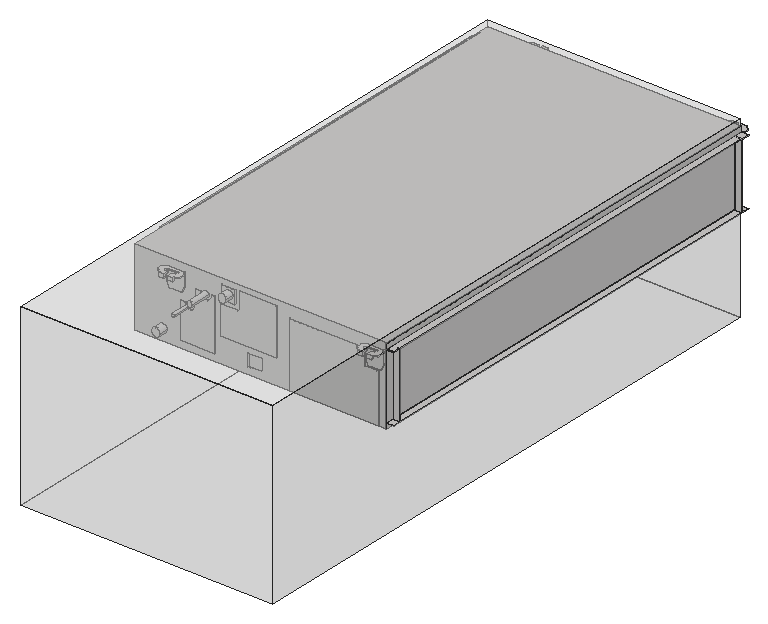
Revit family "outputfile", category 機械設備, Revit 2024
Family settings
  丸型コネクタ寸法 = 半径を使用
  パーツ タイプ = 標準
  OmniClass 番号 = 23.75.10.24.21.27.27
  OmniClass タイトル = Split System Air Conditioning Units
  作業面ベース = いいえ
  常に垂直 = はい
  ロード時にボイドで切り取り = いいえ
  注釈の向きを維持 = いいえ
  共有 = いいえ
  部屋計算ポイント = はい
Parameters (values of type "FBA100BVMA9")
  製造元 = "Daikin"
  書き出し IFC クラス(タイプ) = "IfcUnitaryEquipmentType"
  定義済み IFC タイプ(タイプ) = "AIRCONDITIONINGUNIT"
  モデル = "FBA100BVMA9"
  switch_frequency = yes
  r_Liquid Pipe Size = Liquid Pipe Size / 2  # 4.75 mm
  r_Gas Pipe Size = Gas Pipe Size / 2  # 7.95 mm
  r_Drain Pipe Size = Drain Pipe Size / 2  # 12.5 mm
  lw_power = 770.0 mm  # constant formula
  lh_SA = 138.0 mm  # constant formula
  lw_SA = if(Width = 550.0 mm, 225.0 mm, if(Width = 700.0 mm, 300.0 mm, if(Width = 1000.0 mm, 450.0 mm, if(Width = 1400.0 mm, 650.0 mm, 725.0 mm))))  # 650.0 mm
  lw_RA = if(Width = 550.0 mm, 275.0 mm, if(Width = 700.0 mm, 349.0 mm, if(Width = 1000.0 mm, 499.0 mm, if(Width = 1400.0 mm, 699.0 mm, 775.0 mm))))  # 699.0 mm
  lh_power = 60.0 mm + [h***]  # 60.0 mm
  lh_mountinghole1 = lh_mountinghole + [h***]  # 222.0 mm
  lh_RA = 123.0 mm  # constant formula
  ld_power = Width / 2  # 700.0 mm
  connector_voltage = Voltage_50Hz  # 230 V
  connector_powerinput = [Power Input (Cooling)]  # 3.170 kW
  connector_phase = Phase_50Hz  # 1
  Voltage_comment_60Hz = "220-230"
  Voltage_comment_50Hz = "220-240"
  Voltage_60Hz = 220 V
  Voltage_50Hz = 230 V
  Total Heating Capacity [instance] = 0.000 kW
  Supply Air Direction [instance] = yes
  Power Input (Heating) = 2.900 kW
  Phase_60Hz = 1
  Phase_50Hz = 1
  Nominal Heating Capacity = 11.200 kW
  Minimum External Static Pressure = 50.00 Pa
  Maximum External Static Pressure = 150.00 Pa
  Material_Casing = DAIKIN_GalvanizedSteel_Casing_indoorunit
  lw_mountinghole = 630.0 mm  # constant formula
  lh_gaspipe = 183.0 mm + [h***]  # 183.0 mm
  lh_mountinghole = 222.0 mm  # constant formula
  lh_liquidpipe = 136.0 mm + [h***]  # 136.0 mm
  lh_drainpipe = 207.0 mm + [h***]  # 207.0 mm
  lh_antena = Height - lh_mountinghole + 1.0 mm  # 24.0 mm
  ld_drainpipe = Width / 2 + 26.0 mm  # 726.0 mm
  ld_liquidpipe = Width / 2 + 69.0 mm  # 769.0 mm
  ld_gaspipe = Width / 2 + 65.0 mm  # 765.0 mm
  ld_mountinghole = Width + 38.0 mm  # 1438.0 mm
  h*** = 0.0 mm  # constant formula
  lw_liquidpipe = 179.0 mm  # constant formula
  lw_gaspipe = 229.0 mm  # constant formula
  lw_drainpipe = 300.0 mm  # constant formula
  Width = 1400.0 mm
  Version = "ver.1.0"
  Unit Type = "Duct"
  Unit Mass Weight = 47.00 kg
  Unit Designation [instance] = ""
  Uniclass2015Version = "Products v1.30"
  Uniclass2015Title = "Split coil room air conditioning units"
  Uniclass2015Code = "Pr_70_65_03_86"
  Total Cooling Capacity [instance] = 0.000 kW
  Sound Pressure Level_M speed (dBA) = 35.5
  Sound Pressure Level_L speed (dBA) = 33
  Sound Pressure Level_H speed (dBA) = 38
  Series = "SkyAir_Fan Coil Unit"
  Sensible Cooling Capacity [instance] = 0.000 kW
  SA Duct Size Width = 1192.0 mm
  SA Duct Size Height = 176.0 mm
  Refrigerant Type = "R32"
  RA Duct Size Width = 1352.0 mm
  RA Duct Size Height = 208.0 mm
  Power Input (Cooling) = 3.170 kW
  Option Accessory 3 [instance] = ""
  Option Accessory 2 [instance] = ""
  Option Accessory 1 [instance] = ""
  Nominal Cooling Capacity = 10.000 kW
  Minimum Airflow = 1350.00 m³/h
  Median Airflow = 1620.00 m³/h
  Maximum Airflow = 1920.00 m³/h
  Load Classification = HVAC
  Liquid Pipe Size = 9.5 mm
  Link_Nested Family [instance] = ""
  IfcVersion = ""
  IfcExportType = "AIRCONDITIONINGUNIT"
  IfcExportAs = "IfcUnitaryEquipmentType"
  Height = 245.0 mm
  Heating Entering Wet Bulb Temperature [instance] = -273.15 °C
  Heating Entering Dry Bulb Temperature [instance] = -273.15 °C
  Heating Ambient Wet Bulb Temperature [instance] = -273.15 °C
  Heating Ambient Dry Bulb Temperature [instance] = -273.15 °C
  Heat Exchanger Type = "Cross Fin Coil"
  Gas Pipe Size = 15.9 mm
  Frequency_60Hz = 60 Hz
  Frequency_50Hz = 50 Hz
  Fan Type = "Sirocco Fan"
  Fan Drive = "Direct Drive"
  FCU Tag No. [instance] = ""
  Drain Pipe Size = 25.0 mm
  Design Supply Airflow [instance] = 0.00 m³/h
  Design Return Airflow [instance] = 0.00 m³/h
  Design External Static Pressure [instance] = 0.00 Pa
  Depth = 800.0 mm
  既定の高さ = 0.0 mm
  Cooling Entering Wet Bulb Temperature [instance] = 0.00 °C
  Cooling Entering Dry Bulb Temperature [instance] = 0.00 °C
  Cooling Ambient Wet Bulb Temperature [instance] = 0.00 °C
  Cooling Ambient Dry Bulb Temperature [instance] = 0.00 °C
  Clearance visibility [instance] = yes
  Clearance Top = 20.0 mm
  Clearance Right = 0.0 mm
  Clearance Rear = 0.0 mm
  Clearance Left = 0.0 mm
  Clearance Front = 450.0 mm
  Clearance Bottom = 300.0 mm
Reference planes
  plane 1 "Center (Front/Back)": y = 0
  plane 2 "h": z = 0
  plane 3 "Center (Left/Right)": x = 0
  plane 4 "Back": y = 700
  plane 5 "Front": y = -700
  plane 6 "Left": x = -400
  plane 7 "Right": x = 400
  plane 8 "Top": z = 0
  plane 9 "Bottom": z = -245
  plane 10: y = -215
  plane 11: y = 700
  plane 12: y = -1150
  plane 13: x = -400
  plane 14: x = 400
  plane 15: z = 20
  plane 16: z = -545
  plane 17: x = -400
  plane 18: x = -399
  plane 19: x = 399
  plane 20: y = 50
  plane 21: y = -1
  plane 22: z = -122
  plane 23: y = -701
  plane 24: z = -109
  plane 25: x = -221
  plane 26: y = -765
  plane 27: z = -62
  plane 28: x = -171
  plane 29: y = -726
  plane 30: z = -38
  plane 31: x = -100
  plane 32: x = -100
  plane 33: x = -221
  plane 34: x = -171
  plane 35: x = 370
  plane 36: x = -266
  plane 37: x = 364
  plane 38: y = -719
  plane 39: y = 719
  plane 40: z = -23
  plane 41: z = -107
  plane 42: y = -769
  plane 43: z = -207
  plane 44: x = -309
  plane 45: y = -376
  plane 46: x = -251
  plane 47: x = -203
  plane 48: x = -144
  plane 49: z = -59
  plane 50: z = -106
  plane 51: z = -221
  plane 52: z = -109
  plane 53: x = -221
  plane 54: z = -62
  plane 55: x = -171
  plane 56: z = -17
  plane 57: z = -59
  plane 58: x = -121
  plane 59: x = -79
  plane 60: x = -125
  plane 61: x = -64
  plane 62: x = 53
  plane 63: z = -164
  plane 64: z = -73
  plane 65: z = -16
  plane 66: x = 93.5
  plane 67: x = 374.5
  plane 68: x = 330
  plane 69: z = -88.5
  plane 70: z = -38
  plane 71: z = -242.5
  plane 72: x = -38.5
  plane 73: x = 6.5
  plane 74: z = -181
  plane 75: z = -221
  plane 76: y = -699
  plane 77: x = -424
  plane 78: x = 424
Forms (mm)
  Extrusion 1, solid, material "DAIKIN_GalvanizedSteel_Casing_indoorunit" <- "Material_Casing"
    sketch origin (0, 0, 0) x (1, 0, 0) y (0, 1, 0)
      loop
        line (-399, 700) -> (-399, -700) -> (399, -700) -> (399, 700) -> (-399, 700)
    from -245 to 0
  Extrusion 2, solid, material "DAIKIN_GalvanizedSteel_Casing_indoorunit" <- "Material_Casing"
    sketch origin (0, 0, 0) x (1, 0, 0) y (0, 0, 1)
      loop
        line (-251, -221) -> (-144, -221) -> (-144, -59) -> (-154.47, -59)
        arc (-154.47, -59) -> (-171, -78.8) -> (-187.53, -59) r 16.8
        line (-187.53, -59) -> (-203, -59) -> (-203, -106) -> (-206.916, -106)
        arc (-206.916, -106) -> (-221, -123.4) -> (-235.084, -106) r 14.4
        line (-235.084, -106) -> (-251, -106) -> (-251, -221)
    from 700 to 701
  Extrusion 3, solid, material "DAIKIN_GalvanizedSteel_Casing_indoorunit" <- "Material_Casing"
    sketch origin (0, 0, 0) x (1, 0, 0) y (0, 0, 1)
      loop
        line (-121, -17) -> (-121, -59) -> (-79, -59) -> (-79, -17) -> (-121, -17)
      loop
        line (-125, -73) -> (-125, -164) -> (53, -164) -> (53, -16) -> (-64, -16) -> (-64, -73) -> (-125, -73)
    from 700 to 701
  Extrusion 4, solid, material "DAIKIN_GalvanizedSteel_Casing_indoorunit" <- "Material_Casing"
    sketch origin (0, 0, 0) x (1, 0, 0) y (0, 0, 1)
      loop
        line (93.5, -38) -> (93.5, -242.5) -> (374.5, -242.5) -> (374.5, -88.5) -> (330, -88.5) -> (330, -38) -> (93.5, -38)
    from 700 to 701
  Extrusion 5, solid, material "DAIKIN_GalvanizedSteel_Casing_indoorunit" <- "Material_Casing"
    sketch origin (0, 0, 0) x (1, 0, 0) y (0, 0, 1)
      loop
        circle (-221, -109) r 4.75
    from 700 to 769
  Extrusion 6, solid, material "DAIKIN_GalvanizedSteel_Casing_indoorunit" <- "Material_Casing"
    sketch origin (0, 0, 0) x (1, 0, 0) y (0, 0, 1)
      loop
        circle (-171, -62) r 7.95
    from 700 to 765
  Extrusion 7, solid, material "DAIKIN_GalvanizedSteel_Casing_indoorunit" <- "Material_Casing"
    sketch origin (0, 0, 0) x (1, 0, 0) y (0, 0, 1)
      loop
        circle (-100, -38) r 12.5
    from 701 to 726
  Extrusion 8, solid, material "DAIKIN_GalvanizedSteel_Casing_indoorunit" <- "Material_Casing"
    sketch origin (0, 0, 0) x (1, 0, 0) y (0, 0, 1)
      loop
        circle (-309, -207) r 13
    from 700 to 726
  Extrusion 9, void
    sketch origin (0, 0, 0) x (1, 0, 0) y (0, 0, 1)
      loop
        line (-38.5, -181) -> (-38.5, -221) -> (6.5, -221) -> (6.5, -181) -> (-38.5, -181)
    from 699 to 700
Cuts and joins
  Extrusion 9 cuts Extrusion 1
Dimensions and locks
  "Height": plane 8 "Top" to plane 9 "Bottom"
  equal spacing: plane 4 "Back", plane 1 "Center (Front/Back)", plane 5 "Front"
  "Width": plane 4 "Back" to plane 5 "Front"
  equal spacing: plane 6 "Left", plane 3 "Center (Left/Right)", plane 7 "Right"
  "Depth": plane 6 "Left" to plane 7 "Right"
  "Clearance Left": plane 13 to plane 6 "Left"
  "Clearance Right": plane 7 "Right" to plane 14
  "Clearance Rear": plane 11 to plane 4 "Back"
  "Clearance Front": plane 5 "Front" to plane 12
  "Clearance Top": plane 15 to plane 8 "Top"
  "Clearance Bottom": plane 9 "Bottom" to plane 16
  locked: plane 17 to plane 18 at 1
  locked: plane 19 to plane 14 at 1
  "lw_SA": plane 11 to plane 20
  "lw_RA": plane 21 to plane 5 "Front"
  "lh_RA": plane 22 to plane 9 "Bottom"
  locked: plane 5 "Front" to plane 23 at 1
  "lw_liquidpipe": plane 25 to plane 6 "Left"
  "lh_liquidpipe": plane 24 to plane 9 "Bottom"
  "lh_gaspipe": plane 27 to plane 9 "Bottom"
  "lw_gaspipe": plane 28 to plane 6 "Left"
  "ld_gaspipe": plane 26 to plane 1 "Center (Front/Back)"
  "ld_drainpipe": plane 29 to plane 1 "Center (Front/Back)"
  "lh_drainpipe": plane 30 to plane 9 "Bottom"
  "lw_drainpipe": plane 31 to plane 6 "Left"
  "lw_drainpipe": plane 6 "Left" to plane 32
  "lw_liquidpipe": plane 6 "Left" to plane 33
  "lw_gaspipe": plane 6 "Left" to plane 34
  "lw_power": plane 6 "Left" to plane 35
  locked: plane 17 to plane 36 at 134
  "lw_mountinghole": plane 36 to plane 37
  equal spacing: plane 38, plane 1 "Center (Front/Back)", plane 39
  "ld_mountinghole": plane 39 to plane 38
  "lh_mountinghole": plane 40 to plane 9 "Bottom"
  "lh_SA": plane 41 to plane 9 "Bottom"
  locked: plane 44 to plane 6 "Left" at 91
  locked: plane 43 to plane 9 "Bottom" at 38
  plane 48 to plane 47 to plane 46 to plane 6 "Left" = 59.0 mm, 48.0 mm, 149.0 mm
  plane 8 "Top" to plane 49 to plane 50 to plane 51 = 59.0 mm locked, 47.0 mm locked, 115.0 mm locked
  plane 55 to plane 53 to plane 6 "Left" = 50.0 mm locked, 179.0 mm locked
  plane 54 to plane 52 to plane 9 "Bottom" = 47.0 mm locked, 136.0 mm locked
  plane 59 to plane 58 to plane 6 "Left" = 42.0 mm locked, 279.0 mm locked
  plane 8 "Top" to plane 56 to plane 57 = 17.0 mm locked, 42.0 mm locked
  plane 62 to plane 61 to plane 60 to plane 6 "Left" = 117.0 mm, 61.0 mm, 275.0 mm
  plane 8 "Top" to plane 65 to plane 64 = 16.0 mm locked, 57.0 mm locked
  locked: plane 65 to plane 63 at 148
  plane 8 "Top" to plane 70 to plane 69 to plane 71 = 38.0 mm locked, 50.5 mm locked, 154.0 mm locked
  plane 67 to plane 68 to plane 66 to plane 6 "Left" = 44.5 mm locked, 236.5 mm locked, 493.5 mm locked
  plane 8 "Top" to plane 74 to plane 75 = 181.0 mm locked, 40.0 mm locked
  plane 73 to plane 72 to plane 6 "Left" = 45.0 mm, 361.5 mm
  locked: plane 76 to plane 5 "Front" at 1
  locked: plane 77 to plane 17 at 24
  locked: plane 14 to plane 78 at 24
  "ld_liquidpipe": plane 42 to plane 1 "Center (Front/Back)"
  "r_Liquid Pipe Size": radius of Extrusion 5 sketch curve
  "r_Gas Pipe Size": radius of Extrusion 6 sketch curve
  "r_Drain Pipe Size": radius of Extrusion 7 sketch curve
  aligned and locked: level to plane 2 "h"
  aligned and locked: plane 8 "Top" to Extrusion 1
  aligned and locked: Extrusion 1 to plane 9 "Bottom"
  aligned and locked: nested 5 to plane 12
  aligned and locked: plane 13 to nested 5
  aligned and locked: plane 14 to nested 5
  aligned and locked: nested 5 to plane 13
  aligned and locked: plane 11 to nested 5
  aligned and locked: plane 15 to nested 5
  aligned and locked: plane 16 to nested 5
  aligned and locked: plane 5 "Front" to Extrusion 1 sketch curve
  aligned and locked: Extrusion 1 to plane 18
  aligned and locked: plane 19 to Extrusion 1
  aligned and locked: nested 7 to plane 18
  aligned and locked: nested 7 to plane 20
  aligned and locked: plane 19 to nested 8
  aligned and locked: plane 21 to nested 8
  aligned and locked: plane 22 to nested 8
  aligned and locked: Extrusion 2 to plane 23
  aligned and locked: plane 5 "Front" to Extrusion 2
  aligned and locked: Extrusion 3 to plane 23
  aligned and locked: plane 5 "Front" to Extrusion 3
  aligned and locked: plane 5 "Front" to Extrusion 4
  aligned and locked: Extrusion 5 sketch curve to plane 25
  aligned and locked: plane 24 to Extrusion 5 sketch curve
  aligned and locked: plane 5 "Front" to Extrusion 5
  aligned and locked: Extrusion 6 sketch curve to plane 28
  aligned and locked: plane 27 to Extrusion 6 sketch curve
  aligned and locked: plane 5 "Front" to Extrusion 6
  aligned and locked: Extrusion 7 sketch curve to plane 31
  aligned and locked: Extrusion 7 sketch curve to plane 30
  aligned and locked: Extrusion 7 to plane 29
  aligned and locked: plane 23 to Extrusion 7
  aligned and locked: nested 3 to plane 29
  aligned and locked: nested 3 to plane 32
  aligned and locked: nested 2 to plane 33
  aligned and locked: nested 1 to plane 34
  aligned and locked: Extrusion 6 to plane 26
  aligned and locked: nested 1 to plane 26
  aligned and locked: nested 6 to plane 5 "Front"
  aligned and locked: nested 6 to plane 35
  aligned and locked: plane 36 to nested 10
  aligned and locked: nested 10 to plane 5 "Front"
  aligned and locked: plane 37 to nested 9
  aligned and locked: nested 9 to plane 5 "Front"
  aligned and locked: nested 11 to plane 36
  aligned and locked: plane 4 "Back" to nested 11
  aligned and locked: nested 12 to plane 37
  aligned and locked: plane 4 "Back" to nested 12
  aligned and locked: plane 40 to nested 10
  aligned and locked: plane 40 to nested 11
  aligned and locked: plane 40 to nested 9
  aligned and locked: plane 40 to nested 12
  aligned and locked: plane 36 to nested 14
  aligned and locked: nested 14 to plane 39
  aligned and locked: plane 37 to nested 13
  aligned and locked: nested 13 to plane 39
  aligned and locked: plane 37 to nested 16
  aligned and locked: plane 38 to nested 16
  aligned and locked: plane 38 to nested 15
  aligned and locked: plane 36 to nested 15
  aligned and locked: plane 17 to plane 6 "Left"
  aligned and locked: plane 41 to nested 7
  aligned and locked: Extrusion 5 to plane 42
  aligned and locked: nested 2 to plane 42
  aligned and locked: Extrusion 8 sketch curve to plane 44
  aligned and locked: plane 43 to Extrusion 8 sketch curve
  aligned and locked: plane 5 "Front" to Extrusion 8
  aligned and locked: Extrusion 3 sketch curve to plane 56
  aligned and locked: Extrusion 3 sketch curve to plane 58
  aligned and locked: plane 57 to Extrusion 3 sketch curve
  aligned and locked: plane 59 to Extrusion 3 sketch curve
  aligned and locked: Extrusion 4 to plane 23
  aligned and locked: Extrusion 9 sketch curve to plane 74
  aligned and locked: plane 75 to Extrusion 9 sketch curve
  aligned and locked: plane 73 to Extrusion 9 sketch curve
  aligned and locked: plane 5 "Front" to Extrusion 9
  aligned and locked: plane 76 to Extrusion 9
  aligned and locked: nested 17 to plane 20
  aligned and locked: nested 17 to plane 77
  aligned and locked: plane 21 to nested 18
  aligned and locked: plane 78 to nested 18
  aligned and locked: plane 41 to nested 17
  aligned and locked: nested 18 to plane 22
  aligned and locked: nested 4 to plane 3 "Center (Left/Right)"
  aligned and locked: plane 1 "Center (Front/Back)" to nested 4
  aligned and locked: level to plane 8 "Top"
  aligned and locked: Extrusion 8 to plane 29
Automatic sketch dimensions
  plane 6 "Left" to Extrusion 1 sketch curve = 1.0 mm
  Extrusion 1 sketch curve to plane 7 "Right" = 1.0 mm
  Extrusion 1 sketch curve to plane 4 "Back" = 0.0 mm
  Extrusion 2 sketch curve to plane 46 = 0.0 mm
  Extrusion 2 sketch curve to plane 33 = 0.0 mm
  Extrusion 2 sketch curve to plane 47 = 0.0 mm
  Extrusion 2 sketch curve to plane 34 = 0.0 mm
  Extrusion 2 sketch curve to plane 48 = 0.0 mm
  Extrusion 2 sketch curve to plane 51 = 0.0 mm
  Extrusion 2 sketch curve to plane 52 = 0.0 mm
  Extrusion 2 sketch curve to plane 50 = 0.0 mm  (x3)
  Extrusion 2 sketch curve to plane 54 = 0.0 mm
  Extrusion 2 sketch curve to plane 49 = 0.0 mm  (x3)
  plane 33 to Extrusion 2 sketch curve = 14.084 mm
  plane 34 to Extrusion 2 sketch curve = 16.53 mm
  Extrusion 3 sketch curve to plane 60 = 0.0 mm
  Extrusion 3 sketch curve to plane 61 = 0.0 mm
  Extrusion 3 sketch curve to plane 62 = 0.0 mm
  Extrusion 3 sketch curve to plane 63 = 0.0 mm
  Extrusion 3 sketch curve to plane 64 = 0.0 mm
  Extrusion 3 sketch curve to plane 65 = 0.0 mm
  Extrusion 4 sketch curve to plane 66 = 0.0 mm
  Extrusion 4 sketch curve to plane 68 = 0.0 mm
  Extrusion 4 sketch curve to plane 67 = 0.0 mm
  Extrusion 4 sketch curve to plane 71 = 0.0 mm
  Extrusion 4 sketch curve to plane 69 = 0.0 mm
  Extrusion 4 sketch curve to plane 70 = 0.0 mm
  Extrusion 9 sketch curve to plane 72 = 0.0 mm
  radius of Extrusion 8 sketch curve = 13.0 mm
Nested families
  nested 1: "daikin_connector_rotate2" at (-171, 0, -62), length <- "ld_gaspipe", built-in parameter 1001364 <- "lh_gaspipe", radius <- "r_Gas Pipe Size", type "daikin_connector_rotate2"
    with radius 7.95 mm, length 765.0 mm, angle_vertical 90.00°
  nested 2: "daikin_connector_rotate2" at (-221, 0, -109), length <- "ld_liquidpipe", built-in parameter 1001364 <- "lh_liquidpipe", radius <- "r_Liquid Pipe Size", type "daikin_connector_rotate2"
    with radius 4.75 mm, length 769.0 mm, angle_vertical 90.00°
  nested 3: "daikin_connector_rotate2" at (-100, 0, -38), length <- "ld_drainpipe", built-in parameter 1001364 <- "lh_drainpipe", radius <- "r_Drain Pipe Size", type "daikin_connector_rotate2"
    with radius 12.5 mm, length 726.0 mm, angle_vertical 90.00°
  nested 4: "daikin_△_symbolicline" at (0, 0, 245) x (0, -1, 0) z (0, 0, 1), built-in parameter 1001364 <- "Height", visible <- "Supply Air Direction", type "daikin_△_symbolicline"
    with length 200.0 mm
  nested 5: "daikin_clearancespace" at (0, -225, -262.381), visible <- "Clearance visibility", show <- "Clearance visibility", Link_Nested Family <- "Link_Nested Family", type "daikin_clearancespace"
    with width 800.0 mm, show yes, height 565.0 mm, depth 1850.0 mm, Link_Nested Family ""
  nested 6: "daikin_connector_rotate2" at (370, 0, -185), built-in parameter 1001364 <- "lh_power", length <- "ld_power", type "daikin_connector_rotate2"
    with radius 10.0 mm, length 700.0 mm, angle_vertical 90.00°
  nested 7: "daikin_ductflange_FBA-BVMA9_2" at (-399, 50, -107) x (0, -1, 0) z (0, 0, 1), type "daikin_ductflange_FBA-BVMA9_2"
  nested 8: "daikin_ductflange_FBA-BVMA9" at (399, -1, -122) x (0, 1, 0) z (0, 0, 1), type "daikin_ductflange_FBA-BVMA9"
    with width 1352.0 mm, lw 25.0 mm, w 1400.0 mm
  nested 9: "daikin_hangerfixture_FBA-BVMA9" at (364, -700, -23), type "daikin_hangerfixture_FBA-BVMA9"
  nested 10: "daikin_hangerfixture_FBA-BVMA9" at (-266, -700, -23), type "daikin_hangerfixture_FBA-BVMA9"
  nested 11: "daikin_hangerfixture_FBA-BVMA9" at (-266, 700, -23) x (-1, 0, 0) z (0, 0, 1), type "daikin_hangerfixture_FBA-BVMA9"
  nested 12: "daikin_hangerfixture_FBA-BVMA9" at (364, 700, -23) x (-1, 0, 0) z (0, 0, 1), type "daikin_hangerfixture_FBA-BVMA9"
  nested 13: "daikin_mountinghole" at (364, 719, -245), h_mountinghole <- "lh_mountinghole1", l_antenna <- "lh_antena", Link_Nested Family <- "Link_Nested Family", type "daikin_mountinghole"
    with show yes, l_antenna 24.0 mm, h_mountinghole 222.0 mm, Link_Nested Family ""
  nested 14: "daikin_mountinghole" at (-266, 719, -245), h_mountinghole <- "lh_mountinghole1", l_antenna <- "lh_antena", Link_Nested Family <- "Link_Nested Family", type "daikin_mountinghole"
    with show yes, l_antenna 24.0 mm, h_mountinghole 222.0 mm, Link_Nested Family ""
  nested 15: "daikin_mountinghole" at (-266, -719, -245), h_mountinghole <- "lh_mountinghole1", l_antenna <- "lh_antena", Link_Nested Family <- "Link_Nested Family", type "daikin_mountinghole"
    with show yes, l_antenna 24.0 mm, h_mountinghole 222.0 mm, Link_Nested Family ""
  nested 16: "daikin_mountinghole" at (364, -719, -245), h_mountinghole <- "lh_mountinghole1", l_antenna <- "lh_antena", Link_Nested Family <- "Link_Nested Family", type "daikin_mountinghole"
    with show yes, l_antenna 24.0 mm, h_mountinghole 222.0 mm, Link_Nested Family ""
  nested 17: "daikin_connector_rotate2" at (-400, 50, -107) x (0, -1, 0) z (0, 0, 1), type "daikin_connector_rotate2"
    with radius 10.0 mm, length 24.0 mm, angle_vertical 90.00°
  nested 18: "daikin_connector_rotate2" at (400, -1, -122) x (0, 1, 0) z (0, 0, 1), type "daikin_connector_rotate2"
    with radius 10.0 mm, length 24.0 mm, angle_vertical 90.00°
Connectors
  piping at (-100, -726, -38), diameter 25, driven by "r_Drain Pipe Size"
    settings: on nested 3, index 3, connector inside diameter 609.6 mm, connector length 0.0 mm, flow factor 0, pipe flow 0.00 m³/h, pressure drop 0.0 Pa, fitting loss kfactor 0, connector angle 0.00°, fixture units 0, engagement length 0.0 mm, angle of deflection 0.00°, flow configuration 1, flow direction 2, fitting loss method 4, system type 16, joint type 0, gender type 0, connector reference index -1, connector utility 0, adjustable connector no, is connector primary yes, connector description "Condensate Drain Piping"
  piping at (-171, -765, -62), diameter 15.9, driven by "r_Gas Pipe Size"
    settings: on nested 1, index 4, connector inside diameter 609.6 mm, connector length 0.0 mm, flow factor 0, pipe flow 0.00 m³/h, pressure drop 0.0 Pa, fitting loss kfactor 0, connector angle 0.00°, fixture units 0, engagement length 0.0 mm, angle of deflection 0.00°, flow configuration 1, flow direction 2, fitting loss method 0, system type 29, joint type 0, gender type 0, connector reference index -1, connector utility 0, adjustable connector no, is connector primary no, connector description "Refrigerant Gas Piping"
  piping at (-221, -769, -109), diameter 9.5, driven by "r_Liquid Pipe Size"
    settings: on nested 2, index 5, connector inside diameter 609.6 mm, connector length 0.0 mm, flow factor 0, pipe flow 0.00 m³/h, pressure drop 0.0 Pa, fitting loss kfactor 0, connector angle 0.00°, fixture units 0, engagement length 0.0 mm, angle of deflection 0.00°, flow configuration 1, flow direction 1, fitting loss method 0, system type 29, joint type 0, gender type 0, connector reference index -1, connector utility 0, adjustable connector no, is connector primary no, connector description "Refrigerant Liquid Piping"
  electrical at (370, -700, -185), driven by "Load Classification", driven by "connector_voltage", driven by "connector_phase", driven by "connector_powerinput"
    settings: on nested 6, index 6, voltage 230 V, apparent load 3170 VA, apparent load phase1 0 VA, apparent load phase2 0 VA, apparent load phase3 0 VA, power factor 1, load classification "HVAC", number of poles 1, system type 30, power factor state 1, is connector primary yes, connector utility no, sub classification motor no, connector description "Power Supply"
  hvac at (-424, 50, -107), driven by "SA Duct Size Height", driven by "SA Duct Size Width"
    settings: on nested 17, index 7, duct flow 0.00 m³/h, flow factor 0, pres drop 0.00 Pa, loss coef 0, conn angle 0.00°, conn width 1192.0 mm, conn height 176.0 mm, conn diameter 609.6 mm, duct sys type 1, conn prof type 1, flow config 0, flow direction 2, loss method 4, conn ref index -1, conn util no, is conn primary yes, conn desc "SA Duct"
  hvac at (424, -1, -122), driven by "RA Duct Size Height", driven by "RA Duct Size Width"
    settings: on nested 18, index 8, duct flow 0.00 m³/h, flow factor 0, pres drop 0.00 Pa, loss coef 0, conn angle 0.00°, conn width 1352.0 mm, conn height 208.0 mm, conn diameter 609.6 mm, duct sys type 2, conn prof type 1, flow config 0, flow direction 1, loss method 4, conn ref index -1, conn util no, is conn primary no, conn desc "RA Duct"
Definition of nested family "daikin_clearancespace"
  Parameters (values of type "daikin_clearancespace")
    Description = "daikin_clearancespace"
    width [instance] = 1823.963 mm
    show [instance] = yes
    material = none
    height [instance] = 1359.762 mm
    depth [instance] = 880.0 mm
    Default Elevation = 0.0 mm
    Link_Nested Family [instance] = ""
  Reference planes
    plane 1 "Center (Front/Back)": y = 0
    plane 2 "Center (Elevation)": z = -0.119
    plane 3 "Center (Left/Right)": x = 0
    plane 4: y = 440
    plane 5: y = -440
    plane 6 "Right": x = 911.982
    plane 7 "Left": x = -911.982
    plane 8 "Top": z = 679.762
    plane 9 "Bottom": z = -680
  Forms (mm)
    Extrusion 1, solid, material <- "material", visible <- "show"
      sketch origin (0, 0, 0) x (1, 0, 0) y (0, 1, 0)
        loop
          line (-911.982, 440) -> (-911.982, -440) -> (911.982, -440) -> (911.982, 440) -> (-911.982, 440)
      from -680 to 679.762
  Lines and regions (mm)
    symbolic lines, visible <- "show"
      curve 1: line (911.982, 440, 0) -> (-911.982, 440, 0)
      curve 2: line (-911.982, 440, 0) -> (-911.982, -440, 0)
      curve 3: line (-911.982, -440, 0) -> (911.982, -440, 0)
      curve 4: line (911.982, -440, 0) -> (911.982, 440, 0)
      curve 5: line (911.982, 0, 679.762) -> (-911.982, 0, 679.762)
      curve 6: line (911.982, 0, -680) -> (911.982, 0, 679.762)
      curve 7: line (-911.982, 0, -680) -> (911.982, 0, -680)
      curve 8: line (-911.982, 0, 679.762) -> (-911.982, 0, -680)
      curve 9: line (0, 440, 679.762) -> (0, -440, 679.762)
      curve 10: line (0, -440, 679.762) -> (0, -440, -680)
      curve 11: line (0, 440, -680) -> (0, 440, 679.762)
      curve 12: line (0, -440, -680) -> (0, 440, -680)
  Dimensions and locks
    "width": plane 7 "Left" to plane 6 "Right"
    "depth": plane 4 to plane 5
    "height": plane 8 "Top" to plane 9 "Bottom"
    equal spacing: plane 7 "Left", plane 3 "Center (Left/Right)", plane 6 "Right"
    equal spacing: plane 4, plane 1 "Center (Front/Back)", plane 5
    equal spacing: plane 8 "Top", plane 2 "Center (Elevation)", plane 9 "Bottom"
    aligned and locked: level to plane 2 "Center (Elevation)"
    aligned and locked: Extrusion 1 sketch curve to plane 4
    aligned and locked: plane 7 "Left" to Extrusion 1 sketch curve
    aligned and locked: Extrusion 1 sketch curve to plane 5
    aligned and locked: Extrusion 1 sketch curve to plane 6 "Right"
    aligned and locked: plane 8 "Top" to Extrusion 1
    aligned and locked: curve 1 to Extrusion 1
    aligned and locked: curve 2 to Extrusion 1
    aligned and locked: curve 3 to Extrusion 1
    aligned and locked: curve 4 to Extrusion 1
    aligned and locked: curve 5 to Extrusion 1
    aligned and locked: curve 6 to Extrusion 1
    aligned and locked: curve 7 to Extrusion 1
    aligned and locked: curve 8 to Extrusion 1
    aligned and locked: curve 9 to Extrusion 1
    aligned and locked: curve 10 to Extrusion 1
    aligned and locked: curve 11 to Extrusion 1
    aligned and locked: curve 12 to Extrusion 1
    aligned and locked: Extrusion 1 to plane 9 "Bottom"
Definition of nested family "daikin_ductflange_FBA-BVMA9_2"
  Parameters (values of type "daikin_ductflange_FBFC-DVMG2")
    width = if(w = 550.0 mm, 337.0 mm, if(w = 700.0 mm, 492.0 mm, if(w = 1000.0 mm, 792.0 mm, if(w = 1400.0 mm, 1192.0 mm, 1337.0 mm))))  # 1192.0 mm
    material = none
    height = 215.0 mm
    depth = 1.0 mm
    w = 1400.0 mm
    Default Elevation = 0.0 mm
  Reference planes
    plane 1 "Center (Front/Back)": y = 0
    plane 2: z = 0
    plane 3 "Center (Left/Right)": x = 0
    plane 4: z = 88
    plane 5: z = -88
    plane 6: y = -25
    plane 7: z = 106
    plane 8: z = 89
    plane 9: y = -1
    plane 10: x = -617.5
    plane 11: x = 617.5
    plane 12: z = -106
    plane 13: z = -89
    plane 14: y = -1
    plane 15: x = 596
    plane 16: x = -596
    plane 17: x = 597
    plane 18: z = 87
    plane 19: z = -87
    plane 20: x = -597
    plane 21: z = 87
    plane 22: z = -87
    plane 23: y = -1
  Forms (mm)
    Extrusion 1, solid, material <- "material"
      sketch origin (0, 0, 0) x (0, 1, 0) y (0, 0, 1)
        loop
          line (-25, 88) -> (0, 88) -> (0, 106) -> (-1, 106) -> (-1, 89) -> (-25, 89) -> (-25, 88)
      from -617.5 to 617.5
    Extrusion 2, solid, material <- "material"
      sketch origin (0, 0, 0) x (0, 1, 0) y (0, 0, 1)
        loop
          line (-25, -88) -> (-25, -89) -> (-1, -89) -> (-1, -106) -> (0, -106) -> (0, -88) -> (-25, -88)
      from -617.5 to 617.5
    Extrusion 3, solid, material <- "material"
      sketch origin (0, 0, 0) x (1, 0, 0) y (0, 0, 1)
        loop
          line (596, 88) -> (596, -88) -> (617.5, -88) -> (617.5, -87) -> (597, -87) -> (597, 87) -> (617.5, 87) -> (617.5, 88) -> (596, 88)
      from 0 to 25
    Extrusion 4, solid, material <- "material"
      sketch origin (0, 0, 0) x (1, 0, 0) y (0, 0, 1)
        loop
          line (-617.5, 88) -> (-617.5, 87) -> (-597, 87) -> (-597, -87) -> (-617.5, -87) -> (-617.5, -88) -> (-596, -88) -> (-596, 88) -> (-617.5, 88)
      from 0 to 25
    Extrusion 5, solid, material <- "material"
      sketch origin (0, 0, 0) x (1, 0, 0) y (0, 0, 1)
        loop
          line (-617.5, 88) -> (-617.5, -88) -> (-596, -88) -> (-596, 88) -> (-617.5, 88)
        loop
          line (617.5, 88) -> (596, 88) -> (596, -88) -> (617.5, -88) -> (617.5, 88)
      from 0 to 1
  Cuts and joins
    joined: Extrusion 1, Extrusion 2, Extrusion 3, Extrusion 4, Extrusion 5
  Dimensions and locks
    plane 4 to level to plane 5 = 88.0 mm, 88.0 mm
    locked: plane 6 to plane 1 "Center (Front/Back)" at 25
    locked: plane 9 to plane 1 "Center (Front/Back)" at 1
    locked: plane 8 to plane 4 at 1
    locked: plane 16 to plane 10 at 21.5
    locked: plane 17 to plane 15 at 1
    locked: plane 4 to plane 18 at 1
    locked: plane 19 to plane 5 at 1
    "width": plane 15 to plane 16
    plane 4 to plane 5 = 176.0 mm
    locked: plane 16 to plane 20 at 1
    locked: plane 4 to plane 21 at 1
    locked: plane 22 to plane 5 at 1
    locked: plane 23 to plane 1 "Center (Front/Back)" at 1
    plane 4 to level to plane 5 = 88.0 mm locked, 88.0 mm locked
    locked: plane 5 to plane 13 at 1
    locked: plane 5 to plane 12 at 18
    locked: plane 7 to plane 4 at 18
    equal spacing: plane 15, plane 3 "Center (Left/Right)", plane 16
    locked: plane 11 to plane 15 at 21.5
    plane 11 to plane 10 = 1235.0 mm
    aligned and locked: level to plane 2
    aligned and locked: Extrusion 1 to plane 10
    aligned and locked: plane 11 to Extrusion 1
    aligned and locked: plane 5 to Extrusion 2
    aligned and locked: Extrusion 2 to plane 1 "Center (Front/Back)"
    aligned and locked: plane 15 to Extrusion 3 sketch curve
    aligned and locked: Extrusion 3 sketch curve to Extrusion 2  (x2)
    aligned and locked: Extrusion 3 sketch curve to plane 11
    aligned and locked: plane 6 to Extrusion 3
    aligned and locked: Extrusion 2 to plane 10
    aligned and locked: plane 11 to Extrusion 2
    aligned and locked: Extrusion 4 sketch curve to Extrusion 1  (x2)
    aligned and locked: plane 5 to Extrusion 4 sketch curve
    aligned and locked: Extrusion 4 sketch curve to plane 16
    aligned and locked: Extrusion 4 sketch curve to plane 22
    aligned and locked: plane 20 to Extrusion 4 sketch curve
    aligned and locked: plane 21 to Extrusion 4 sketch curve
    aligned and locked: Extrusion 4 to plane 1 "Center (Front/Back)"
    aligned and locked: plane 6 to Extrusion 4
    aligned and locked: Extrusion 5 sketch curve to Extrusion 1  (x4)
    aligned and locked: Extrusion 5 sketch curve to Extrusion 4  (x2)
    aligned and locked: Extrusion 5 sketch curve to Extrusion 3  (x2)
    aligned and locked: Extrusion 5 to plane 1 "Center (Front/Back)"
    aligned and locked: plane 23 to Extrusion 5
  Automatic sketch dimensions
    Extrusion 1 sketch curve to plane 6 = 0.0 mm
    Extrusion 1 sketch curve to plane 7 = 0.0 mm
    Extrusion 1 sketch curve to plane 9 = 0.0 mm
    Extrusion 1 sketch curve to plane 1 "Center (Front/Back)" = 0.0 mm
    Extrusion 1 sketch curve to plane 4 = 0.0 mm
    Extrusion 1 sketch curve to plane 8 = 0.0 mm
    Extrusion 2 sketch curve to plane 6 = 0.0 mm
    plane 12 to Extrusion 2 sketch curve = 0.0 mm
    Extrusion 2 sketch curve to plane 14 = 0.0 mm
    Extrusion 2 sketch curve to plane 1 "Center (Front/Back)" = 0.0 mm
    plane 13 to Extrusion 2 sketch curve = 0.0 mm
    Extrusion 2 sketch curve to plane 5 = 0.0 mm
    Extrusion 3 sketch curve to plane 17 = 0.0 mm
    Extrusion 3 sketch curve to plane 19 = 0.0 mm
    Extrusion 3 sketch curve to plane 18 = 0.0 mm
    Extrusion 3 sketch curve to plane 4 = 0.0 mm
    Extrusion 4 sketch curve to plane 10 = 0.0 mm
Definition of nested family "daikin_ductflange_FBA-BVMA9"
  Parameters (values of type "daikin_ductflange_FBFC-DVMG")
    width = if(w = 550.0 mm, 502.0 mm, if(w = 700.0 mm, 654.0 mm, if(w = 1000.0 mm, 952.0 mm, if(w = 1400.0 mm, 1352.0 mm, 1502.0 mm))))  # 654.0 mm
    material = none
    lw = if(width = 654.0 mm, 23.0 mm, 25.0 mm)  # 23.0 mm
    height = 208.0 mm
    depth = 1.0 mm
    w = 700.0 mm
    Default Elevation = 0.0 mm
  Reference planes
    plane 1 "Center (Front/Back)": y = 0
    plane 2: z = 0
    plane 3 "Center (Left/Right)": x = 0
    plane 4: z = 104
    plane 5: z = -104
    plane 6: y = -25
    plane 7: z = 121
    plane 8: z = 105
    plane 9: y = -1
    plane 10: x = -350
    plane 11: x = 350
    plane 12: z = -122
    plane 13: z = -105
    plane 14: y = -1
    plane 15: x = 327
    plane 16: x = -327
    plane 17: x = 328
    plane 18: z = 103
    plane 19: z = -103
    plane 20: x = -328
    plane 21: z = 103
    plane 22: z = -103
    plane 23: y = -1
  Forms (mm)
    Extrusion 1, solid, material <- "material"
      sketch origin (0, 0, 0) x (0, 1, 0) y (0, 0, 1)
        loop
          line (-25, 104) -> (0, 104) -> (0, 121) -> (-1, 121) -> (-1, 105) -> (-25, 105) -> (-25, 104)
      from -350 to 350
    Extrusion 2, solid, material <- "material"
      sketch origin (0, 0, 0) x (0, 1, 0) y (0, 0, 1)
        loop
          line (-25, -104) -> (-25, -105) -> (-1, -105) -> (-1, -122) -> (0, -122) -> (0, -104) -> (-25, -104)
      from -350 to 350
    Extrusion 3, solid, material <- "material"
      sketch origin (0, 0, 0) x (1, 0, 0) y (0, 0, 1)
        loop
          line (327, 104) -> (327, -104) -> (350, -104) -> (350, -103) -> (328, -103) -> (328, 103) -> (350, 103) -> (350, 104) -> (327, 104)
      from 0 to 25
    Extrusion 4, solid, material <- "material"
      sketch origin (0, 0, 0) x (1, 0, 0) y (0, 0, 1)
        loop
          line (-350, 104) -> (-350, 103) -> (-328, 103) -> (-328, -103) -> (-350, -103) -> (-350, -104) -> (-327, -104) -> (-327, 104) -> (-350, 104)
      from 0 to 25
    Extrusion 5, solid, material <- "material"
      sketch origin (0, 0, 0) x (1, 0, 0) y (0, 0, 1)
        loop
          line (-350, 104) -> (-350, -104) -> (-327, -104) -> (-327, 104) -> (-350, 104)
        loop
          line (350, 104) -> (327, 104) -> (327, -104) -> (350, -104) -> (350, 104)
      from 0 to 1
  Cuts and joins
    joined: Extrusion 1, Extrusion 2, Extrusion 3, Extrusion 4, Extrusion 5
  Dimensions and locks
    plane 4 to level to plane 5 = 104.0 mm, 104.0 mm
    locked: plane 6 to plane 1 "Center (Front/Back)" at 25
    locked: plane 9 to plane 1 "Center (Front/Back)" at 1
    locked: plane 8 to plane 4 at 1
    "lw": plane 11 to plane 15
    "lw": plane 16 to plane 10
    locked: plane 17 to plane 15 at 1
    locked: plane 4 to plane 18 at 1
    locked: plane 19 to plane 5 at 1
    "width": plane 15 to plane 16
    equal spacing: plane 15, plane 3 "Center (Left/Right)", plane 16
    locked: plane 16 to plane 20 at 1
    locked: plane 4 to plane 21 at 1
    locked: plane 22 to plane 5 at 1
    locked: plane 23 to plane 1 "Center (Front/Back)" at 1
    locked: plane 7 to plane 4 at 17
    locked: plane 1 "Center (Front/Back)" to plane 14 at 1
    locked: plane 5 to plane 13 at 1
    "height": plane 4 to plane 5
    plane 11 to plane 10 = 700.0 mm
    locked: plane 12 to plane 13 at 17
    equal spacing: plane 4, level, plane 5
    aligned and locked: level to plane 2
    aligned and locked: Extrusion 1 to plane 10
    aligned and locked: plane 11 to Extrusion 1
    aligned and locked: plane 5 to Extrusion 2
    aligned and locked: Extrusion 2 to plane 1 "Center (Front/Back)"
    aligned and locked: plane 15 to Extrusion 3 sketch curve
    aligned and locked: Extrusion 3 sketch curve to Extrusion 2  (x2)
    aligned and locked: Extrusion 3 sketch curve to plane 11
    aligned and locked: plane 6 to Extrusion 3
    aligned and locked: Extrusion 2 to plane 10
    aligned and locked: plane 11 to Extrusion 2
    aligned and locked: Extrusion 4 sketch curve to Extrusion 1  (x2)
    aligned and locked: plane 5 to Extrusion 4 sketch curve
    aligned and locked: Extrusion 4 sketch curve to plane 16
    aligned and locked: Extrusion 4 sketch curve to plane 22
    aligned and locked: plane 20 to Extrusion 4 sketch curve
    aligned and locked: plane 21 to Extrusion 4 sketch curve
    aligned and locked: Extrusion 4 to plane 1 "Center (Front/Back)"
    aligned and locked: plane 6 to Extrusion 4
    aligned and locked: Extrusion 5 sketch curve to Extrusion 1  (x4)
    aligned and locked: Extrusion 5 sketch curve to Extrusion 4  (x2)
    aligned and locked: Extrusion 5 sketch curve to Extrusion 3  (x2)
    aligned and locked: Extrusion 5 to plane 1 "Center (Front/Back)"
    aligned and locked: plane 23 to Extrusion 5
  Automatic sketch dimensions
    Extrusion 1 sketch curve to plane 6 = 0.0 mm
    Extrusion 1 sketch curve to plane 7 = 0.0 mm
    Extrusion 1 sketch curve to plane 9 = 0.0 mm
    Extrusion 1 sketch curve to plane 1 "Center (Front/Back)" = 0.0 mm
    Extrusion 1 sketch curve to plane 4 = 0.0 mm
    Extrusion 1 sketch curve to plane 8 = 0.0 mm
    Extrusion 2 sketch curve to plane 6 = 0.0 mm
    plane 12 to Extrusion 2 sketch curve = 0.0 mm
    Extrusion 2 sketch curve to plane 14 = 0.0 mm
    Extrusion 2 sketch curve to plane 1 "Center (Front/Back)" = 0.0 mm
    plane 13 to Extrusion 2 sketch curve = 0.0 mm
    Extrusion 2 sketch curve to plane 5 = 0.0 mm
    Extrusion 3 sketch curve to plane 17 = 0.0 mm
    Extrusion 3 sketch curve to plane 19 = 0.0 mm
    Extrusion 3 sketch curve to plane 18 = 0.0 mm
    Extrusion 3 sketch curve to plane 4 = 0.0 mm
    Extrusion 4 sketch curve to plane 10 = 0.0 mm
Definition of nested family "daikin_hangerfixture_FBA-BVMA9"
  Parameters (values of type "daikin_hangerfixture_FXMQ-PAVE")
    width = 72.0 mm
    material = none
    height = 60.0 mm
    depth = 41.0 mm
    Default Elevation = 0.0 mm
  Reference planes
    plane 1 "Center (Front/Back)": y = 0
    plane 2: z = 0
    plane 3 "Center (Left/Right)": x = 0
    plane 4: y = 417.146
    plane 5: y = -41
    plane 6: x = -36
    plane 7: x = 36
    plane 8: z = -2.3
    plane 9: z = -60
    plane 10: y = -2.3
    plane 11: z = -12
    plane 12: y = -38.7
  Forms (mm)
    Extrusion 1, solid, material <- "material"
      sketch origin (0, 0, 0) x (1, 0, 0) y (0, 1, 0)
        loop
          line (-28, 0) -> (-28, -5)
          arc (-28, -5) -> (-29.127, -8.162) -> (-32, -9.899) r 5
          arc (-32, -9.899) -> (-34.873, -11.636) -> (-36, -14.798) r 5
          line (-36, -14.798) -> (-36, -27.178)
          arc (-36, -27.178) -> (-35.429, -29.499) -> (-33.846, -31.289) r 5
          line (-33.846, -31.289) -> (-23, -38.798) -> (-23, -41.098) -> (-6.5, -41.098) -> (-6.5, -28.498)
          arc (-6.5, -28.498) -> (-7.379, -26.377) -> (-9.5, -25.498) r 3
          line (-9.5, -25.498) -> (-13.5, -25.498)
          arc (-13.5, -25.498) -> (-20, -18.998) -> (-13.5, -12.498) r 6.5
          line (-13.5, -12.498) -> (13.5, -12.498)
          arc (13.5, -12.498) -> (20, -18.998) -> (13.5, -25.498) r 6.5
          line (13.5, -25.498) -> (9.5, -25.498)
          arc (9.5, -25.498) -> (7.379, -26.377) -> (6.5, -28.498) r 3
          line (6.5, -28.498) -> (6.5, -41.098) -> (23, -41.098) -> (23, -38.798) -> (33.846, -31.289)
          arc (33.846, -31.289) -> (35.429, -29.499) -> (36, -27.178) r 5
          line (36, -27.178) -> (36, -14.596)
          arc (36, -14.596) -> (34.873, -11.434) -> (32, -9.697) r 5
          arc (32, -9.697) -> (29.127, -7.96) -> (28, -4.798) r 5
          line (28, -4.798) -> (28, 0) -> (-28, 0)
      from 0 to -2.3
    Extrusion 2, solid, material <- "material"
      sketch origin (0, 0, 0) x (1, 0, 0) y (0, 0, 1)
        loop
          line (28, -39.037) -> (28, 0) -> (-28, 0) -> (-28, -39.037)
          arc (-28, -39.037) -> (-27.91, -39.983) -> (-27.642, -40.894) r 5
          line (-27.642, -40.894) -> (-21.257, -56.857)
          arc (-21.257, -56.857) -> (-19.418, -59.14) -> (-16.615, -60) r 5
          line (-16.615, -60) -> (16.615, -60)
          arc (16.615, -60) -> (19.418, -59.14) -> (21.257, -56.857) r 5
          line (21.257, -56.857) -> (27.642, -40.894)
          arc (27.642, -40.894) -> (27.91, -39.983) -> (28, -39.037) r 5
      from 0 to 2.3
    Extrusion 3, solid, material <- "material"
      sketch origin (0, 0, 0) x (1, 0, 0) y (0, 0, 1)
        loop
          line (-23, 0) -> (-23, -9)
          arc (-23, -9) -> (-22.121, -11.121) -> (-20, -12) r 3
          line (-20, -12) -> (-9.5, -12)
          arc (-9.5, -12) -> (-7.379, -11.121) -> (-6.5, -9) r 3
          line (-6.5, -9) -> (-6.5, 0) -> (-23, 0)
        loop
          line (23, 0) -> (6.5, 0) -> (6.5, -9)
          arc (6.5, -9) -> (7.379, -11.121) -> (9.5, -12) r 3
          line (9.5, -12) -> (20, -12)
          arc (20, -12) -> (22.121, -11.121) -> (23, -9) r 3
          line (23, -9) -> (23, 0)
      from 38.8 to 41.098
  Cuts and joins
    joined: Extrusion 1, Extrusion 2, Extrusion 3
  Dimensions and locks
    plane 2 to plane 8 = 2.3 mm
    "height": plane 2 to plane 9
    locked: plane 10 to plane 1 "Center (Front/Back)" at 2.3
    locked: plane 2 to plane 11 at 12
    locked: plane 12 to plane 5 at 2.3
    aligned and locked: level to plane 2
    aligned and locked: Extrusion 1 to plane 8
    aligned and locked: plane 2 to Extrusion 1
    aligned and locked: plane 2 to Extrusion 2 sketch curve
    aligned and locked: Extrusion 2 to plane 10
    aligned and locked: Extrusion 2 to plane 1 "Center (Front/Back)"
    aligned and locked: Extrusion 3 sketch curve to cut or joined group of Extrusion 1, Extrusion 2, Extrusion 3  (x3)
    aligned and locked: cut or joined group of Extrusion 1, Extrusion 2, Extrusion 3 to Extrusion 3
  Automatic sketch dimensions
    Extrusion 2 sketch curve to plane 7 = 8.0 mm
    Extrusion 2 sketch curve to plane 8 = 36.737 mm
    plane 6 to Extrusion 2 sketch curve = 19.385 mm
    Extrusion 1 sketch curve to plane 6 = 0.0 mm
    plane 1 "Center (Front/Back)" to Extrusion 1 sketch curve = 0.0 mm
    Extrusion 1 sketch curve to plane 7 = 0.0 mm
    plane 6 to Extrusion 1 sketch curve = 2.154 mm
    plane 6 to Extrusion 1 sketch curve = 3.0 mm
    Extrusion 1 sketch curve to Extrusion 1 sketch curve = 5.0 mm  (x3)
    Extrusion 1 sketch curve to plane 12 = 0.098 mm  (x2)
    Extrusion 1 sketch curve to Extrusion 1 sketch curve = 4.0 mm  (x2)
    Extrusion 1 sketch curve to plane 5 = 0.098 mm  (x2)
    Extrusion 1 sketch curve to plane 3 "Center (Left/Right)" = 6.5 mm
    plane 3 "Center (Left/Right)" to Extrusion 1 sketch curve = 6.5 mm
    Extrusion 1 sketch curve to Extrusion 1 sketch curve = 3.0 mm
    Extrusion 1 sketch curve to plane 7 = 8.0 mm
    Extrusion 1 sketch curve to plane 7 = 5.0 mm
    Extrusion 1 sketch curve to plane 7 = 3.0 mm
    Extrusion 1 sketch curve to plane 7 = 2.154 mm
    plane 12 to Extrusion 1 sketch curve = 7.411 mm  (x2)
    plane 12 to Extrusion 1 sketch curve = 10.202 mm  (x2)
    Extrusion 1 sketch curve to Extrusion 1 sketch curve = 6.5 mm  (x2)
    Extrusion 1 sketch curve to Extrusion 1 sketch curve = 12.38 mm
    Extrusion 1 sketch curve to plane 10 = 12.296 mm
    Extrusion 1 sketch curve to plane 10 = 2.7 mm
    Extrusion 1 sketch curve to plane 10 = 2.498 mm
    plane 6 to Extrusion 1 sketch curve = 4.0 mm
    Extrusion 1 sketch curve to Extrusion 1 sketch curve = 0.0 mm  (x2)
    Extrusion 1 sketch curve to plane 7 = 4.0 mm
    Extrusion 1 sketch curve to Extrusion 1 sketch curve = 4.111 mm
    Extrusion 3 sketch curve to level = 0.0 mm  (x2)
    Extrusion 3 sketch curve to plane 11 = 0.0 mm  (x2)
    plane 11 to Extrusion 3 sketch curve = 3.0 mm  (x2)
    plane 3 "Center (Left/Right)" to Extrusion 3 sketch curve = 6.5 mm
    Extrusion 3 sketch curve to Extrusion 3 sketch curve = 3.0 mm  (x2)
    Extrusion 2 sketch curve to plane 9 = 0.0 mm
    Extrusion 2 sketch curve to Extrusion 2 sketch curve = 11.385 mm
    plane 6 to Extrusion 2 sketch curve = 8.0 mm
    plane 9 to Extrusion 2 sketch curve = 20.963 mm
    Extrusion 2 sketch curve to Extrusion 2 sketch curve = 5.0 mm  (x2)
    plane 9 to Extrusion 2 sketch curve = 3.143 mm  (x3)
    Extrusion 2 sketch curve to Extrusion 2 sketch curve = 4.642 mm  (x2)
    Extrusion 2 sketch curve to Extrusion 2 sketch curve = 0.0 mm  (x2)
    Extrusion 2 sketch curve to Extrusion 2 sketch curve = 0.358 mm
    Extrusion 2 sketch curve to Extrusion 2 sketch curve = 1.857 mm  (x2)
Definition of nested family "daikin_connector_rotate2"
  Parameters (values of type "daikin_connector_rotate2")
    Default Elevation = 1219.2 mm
    show_face = no
    radius [instance] = 10.0 mm
    length [instance] = 600.0 mm
    d_surface = 10.0 mm
    angle_vertical [instance] = 90.00°
  Reference planes
    plane 1 "Center (Front/Back)": y = 0
    plane 2: z = 0
    plane 3 "Center (Left/Right)": x = 0
  Forms (mm)
    Extrusion 1, solid, visible <- "show_face"
      sketch origin (0, -600, 0) x (1, 0, 0) y (0, 0, 1)
        loop
          circle (0, 0) r 10
      from 0 to -10
  Lines and regions (mm)
    reference lines
      curve 1: line (0, 0, 0) -> (0, -600, 0)
    symbolic lines
      curve 2: circle (0, 0, 0) r 5 normal (0, 0, 1)
    model lines, visible <- "show_face"
      curve 3: line (0, 0, 0) -> (0, -600, 0)
  Dimensions and locks
    "length": curve 1 to curve 1
    "length": curve 3 to curve 3
    "d_surface": Extrusion 1 to Extrusion 1
    "radius": radius of Extrusion 1 sketch curve
    "angle_vertical": angle curve 1 to plane 1 "Center (Front/Back)"
    "angle_vertical": angle curve 3 to plane 1 "Center (Front/Back)"
    aligned and locked: level to plane 2
    aligned and locked: plane 1 "Center (Front/Back)" to curve 1
    aligned and locked: plane 2 to curve 1
    aligned and locked: plane 1 "Center (Front/Back)" to curve 2
    aligned and locked: plane 3 "Center (Left/Right)" to curve 2
    aligned and locked: plane 1 "Center (Front/Back)" to curve 3
    aligned and locked: plane 2 to curve 3
    aligned and locked: Extrusion 1 to Extrusion 1
  Automatic sketch dimensions
    Extrusion 1 sketch curve to level = 0.0 mm
    Extrusion 1 sketch curve to plane 3 "Center (Left/Right)" = 0.0 mm
    radius of curve 2 = 5.0 mm
Definition of nested family "daikin_△_symbolicline"
  Parameters (values of type "daikin_△_symbolicline")
    length [instance] = 200.0 mm
    Default Elevation = 0.0 mm
  Reference planes
    plane 1 "Center (Front/Back)": y = 0
    plane 2: z = 0
    plane 3 "Center (Left/Right)": x = 0
  Lines and regions (mm)
    symbolic lines
      curve 1: line (0, -173.205, 0) -> (100, 0, 0)
      curve 2: line (100, 0, 0) -> (-100, 0, 0)
      curve 3: line (-100, 0, 0) -> (0, -173.205, 0)
  Dimensions and locks
    equal spacing: curve 3, plane 3 "Center (Left/Right)", curve 2
    "length": curve 3 to curve 2
    "length": curve 3 to curve 3
    "length": curve 1 to curve 1
    aligned and locked: level to plane 2
    aligned and locked: curve 2 to plane 1 "Center (Front/Back)"
    aligned and locked: plane 3 "Center (Left/Right)" to curve 3
Definition of nested family "daikin_mountinghole"
  Parameters (values of type "daikin_mountinghole")
    Default Elevation = 1219.2 mm
    Type Comments = "mountinghole"
    show [instance] = yes
    material = none
    l_centerline = 100.0 mm
    l_antenna [instance] = 100.0 mm
    h_mountinghole [instance] = 0.0 mm
    d_circle = 30.0 mm
    Link_Nested Family [instance] = ""
  Reference planes
    plane 1 "Center (Front/Back)": y = 0
    plane 2: z = 0
    plane 3 "Center (Left/Right)": x = 0
    plane 4: y = 50
    plane 5: x = -50
    plane 6: x = 50
    plane 7: y = -50
    plane 8 "h_mountinghole": z = 0
    plane 9: z = 100
  Lines and regions (mm)
    model lines, detail levels fine
      curve 1: circle (0, 0, 0) r 15 normal (0, 0, 1)
      curve 2: line (-50, 0, 0) -> (50, 0, 0)
      curve 3: line (0, 50, 0) -> (0, -50, 0)
    symbolic lines, detail levels fine
      curve 4: circle (0, 0, 0) r 15 normal (0, 0, 1)
      curve 5: line (-50, 0, 0) -> (50, 0, 0)
      curve 6: line (0, 50, 0) -> (0, -50, 0)
    model lines
      curve 7: line (0, 0, 100) -> (0, 0, 0)
  Dimensions and locks
    equal spacing: plane 4, plane 1 "Center (Front/Back)", plane 7
    "l_centerline": plane 4 to plane 7
    equal spacing: plane 5, plane 3 "Center (Left/Right)", plane 6
    "l_centerline": plane 5 to plane 6
    "l_antenna": plane 9 to plane 8 "h_mountinghole"
    "h_mountinghole": plane 8 "h_mountinghole" to plane 2
    "d_circle": diameter of curve 1
    "d_circle": diameter of curve 4
    aligned and locked: level to plane 2
    aligned and locked: plane 1 "Center (Front/Back)" to curve 1
    aligned and locked: plane 3 "Center (Left/Right)" to curve 1
    aligned and locked: plane 1 "Center (Front/Back)" to curve 2
    aligned and locked: curve 3 to plane 3 "Center (Left/Right)"
    aligned and locked: plane 6 to curve 2
    aligned and locked: plane 5 to curve 2
    aligned and locked: plane 4 to curve 3
    aligned and locked: plane 7 to curve 3
    aligned and locked: plane 1 "Center (Front/Back)" to curve 4
    aligned and locked: plane 3 "Center (Left/Right)" to curve 4
    aligned and locked: plane 6 to curve 5
    aligned and locked: plane 5 to curve 5
    aligned and locked: plane 1 "Center (Front/Back)" to curve 5
    aligned and locked: plane 4 to curve 6
    aligned and locked: plane 7 to curve 6
    aligned and locked: curve 6 to plane 3 "Center (Left/Right)"
    aligned and locked: curve 7 to plane 3 "Center (Left/Right)"
    aligned and locked: plane 9 to curve 7
    aligned and locked: plane 8 "h_mountinghole" to curve 7
